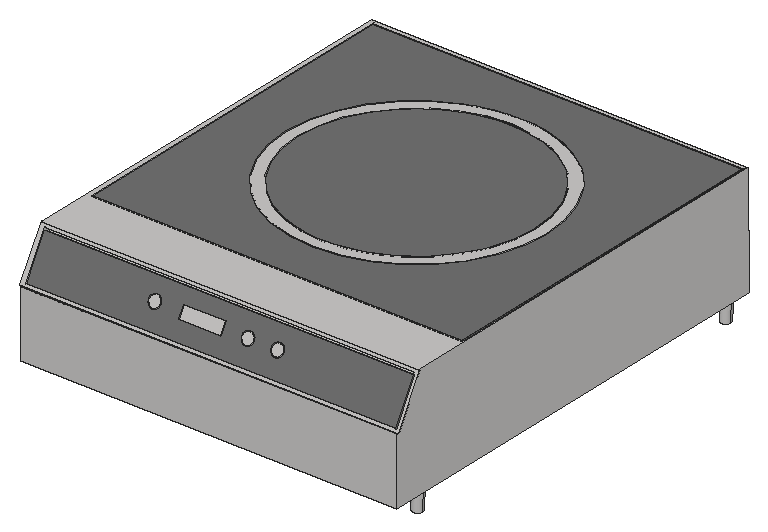
Revit family "QF_Vollrath 69504", category Specialty Equipment, Revit 2016
Family settings
  Part Type = Normal
  Round Connector Dimension = Use Diameter
  OmniClass Number = 23.40.40.14.17.14
  OmniClass Title = Hot Plates
  Work Plane-Based = No
  Always vertical = Yes
  Cut with Voids When Loaded = No
  Shared = No
  Room Calculation Point = No
Parameters (values of type "208V")
  Weight in Pounds = 26
  Watts = 3000 W
  Watermarked By = "http://revitwatermark.com"
  Volts = 208 V
  URL Cutsheet = ""
  URL = "www.vollrathco.com"
  Status [instance] = ""
  Specification by User [instance] = ""
  Specification by Manufacturer = ""
  Serial Number [instance] = ""
  Seismic Rating [instance] = ""
  Revision Code [instance] = ""
  Phase = 1
  Number of Poles [instance] = 1
  NAFEM Spec ID Number [instance] = ""
  Model = "69504"
  Masterspec = ""
  Manufacturer = "Vollrath"
  Item Number [instance] = ""
  Installed By [instance] = ""
  Height AFF [instance] = 36.00"
  Furnished By [instance] = ""
  Foodservice Equipment Identifier [instance] = yes
  FL Amps = 14.6 A
  Electrical Remarks [instance] = ""
  Electric Connection Type [instance] = ""
  Elec Conn RI Height [instance] = 0.00"
  Elec Conn Connection Height [instance] = Height AFF + 2.00"  # 38.00"
  Description = "Induction Range, Countertop"
  Cycle = 60 Hz
  Conn Plug = "NEMA 6-20P"
  CSI MasterFormat = "11 42 13"
  Assembly Code = "E1090320"
  Apparent Power = if(Phase = 3, Volts * FL Amps * 1.73, Volts * FL Amps)  # 3036.8 VA
Types (2): name | Watts | Volts | Apparent Power
  208V | 3000 W | 208 V | 3036.8 VA
  240V | 3500 W | 240 V | 3504 VA
Reference planes (in)
  plane 1: z = 0
  plane 2 "LEFT": x = 48
  plane 3 "BACK": y = -48.065
  plane 4 "BOTTOM": z = 36
  plane 5 "FRONT": y = -66.565
  plane 6 "TOP": z = 41.75
  plane 7: z = 37
  plane 8: y = -45.065
  plane 9: y = -55.7724
  plane 10: x = 55.40773
  plane 11: z = 37.5
  plane 12: z = 13.68
  plane 13: x = 52.90535
  plane 14: x = 56.69695
  plane 15: z = 41.03691
  plane 16: x = 63.875
  plane 17: x = 63.8
  plane 18: y = -63.065
  plane 19: x = 63.125
Forms (in)
  Extrusion 1, solid, material "QF_Finishes_Stainless Steel"
    sketch origin (-3.7916, -63.31853, 8.31191) x (1, 0, 0) y (0, 0.5, 0.866025)
      loop
        line (51.72615, 27.93) -> (51.72615, 25.68) -> (67.6666, 25.68) -> (67.6666, 27.93) -> (51.72615, 27.93)
      loop
        line (51.91648, 27.77623) -> (51.91648, 25.78901) -> (67.52615, 25.78901) -> (67.52615, 27.77623) -> (51.91648, 27.77623)
    from 18.14569 to 18.5
  Extrusion 2, solid, material "QF_Finishes_Stainless Steel"
    sketch origin (-0.7916, -63.31853, 8.31191) x (1, 0, 0) y (0, 0.5, 0.866025)
      loop
        line (55.07331, 27.05441) -> (55.07331, 26.55441) -> (56.82331, 26.55441) -> (56.82331, 27.05441) -> (55.07331, 27.05441)
      loop
        circle (53.94695, 26.80981) r 0.25
      loop
        circle (57.87771, 26.79276) r 0.25
      loop
        circle (59.12771, 26.79276) r 0.25
    from 18.14569 to 18.5
  Extrusion 3, solid, material "QF_Finishes_Stainless Steel"
    sketch origin (-3.7916, -63.31853, 8.31191) x (1, 0, 0) y (0, 0.5, 0.866025)
      loop
        circle (56.94695, 26.80981) r 0.25
      loop
        circle (60.87771, 26.79276) r 0.25
      loop
        line (58.07331, 27.05441) -> (58.07331, 26.55441) -> (59.82331, 26.55441) -> (59.82331, 27.05441) -> (58.07331, 27.05441)
      loop
        circle (62.12771, 26.79276) r 0.25
    from 18.14569 to 18.5
  Extrusion 4, solid, material "QF_Finishes_Dark Grey"
    sketch origin (-3.7916, -63.81619, 8.52747) x (1, 0, 0) y (0, 0.5, 0.866025)
      loop
        line (51.91648, 25.85116) -> (67.52615, 25.85116) -> (67.52615, 27.73116) -> (51.91648, 27.73116) -> (51.91648, 25.85116)
      loop
        circle (62.11833, 26.8549) r 0.25
      loop
        circle (60.86833, 26.8549) r 0.25
      loop
        line (59.81393, 26.61655) -> (59.81393, 27.11655) -> (58.06393, 27.11655) -> (58.06393, 26.61655) -> (59.81393, 26.61655)
      loop
        circle (56.93757, 26.87196) r 0.25
    from 17.96123 to 17.60693
  Blend 5, solid, material "QF_Finishes_Stainless Steel"
    base sketch origin (0, 0, 0) x (1, 0, 0) y (0, 1, 0)
      loop
        circle (48.59304, -48.57669) r 0.20891
    top sketch origin (0, 0, 0) x (1, 0, 0) y (0, 1, 0)
      loop
        circle (48.59304, -48.57669) r 0.25
    from 36 to 37
  Blend 6, solid, material "QF_Finishes_Stainless Steel"
    base sketch origin (0, -16.25, 0) x (1, 0, 0) y (0, 1, 0)
      loop
        circle (48.59304, -48.57669) r 0.20891
    top sketch origin (0, -16.25, 0) x (1, 0, 0) y (0, 1, 0)
      loop
        circle (48.59304, -48.57669) r 0.25
    from 36 to 37
  Extrusion 7, solid, material "QF_Finishes_Stainless Steel"
    sketch origin (0, 0, 0) x (1, 0, 0) y (0, 1, 0)
      loop
        line (48, -48.065) -> (48, -63.4798) -> (63.875, -63.4798) -> (63.875, -48.065) -> (48, -48.065)
      loop
        line (48.19033, -48.2633) -> (48.19033, -63.065) -> (63.8, -63.065) -> (63.8, -48.2633) -> (48.19033, -48.2633)
    from 37.5 to 41.75
  Extrusion 8, solid, material "QF_Finishes_Dark Grey"
    sketch origin (0, 0, 0) x (1, 0, 0) y (0, 1, 0)
      loop
        line (48.19033, -48.1983) -> (48.19033, -63.065) -> (63.8, -63.065) -> (63.8, -48.1983) -> (48.19033, -48.1983)
      loop
        circle (55.97023, -55.66832) r 5.5
      loop
        circle (55.97023, -55.66832) r 5
    from 41.75 to 37.5
  Extrusion 9, solid, material "QF_Finishes_Stainless Steel"
    sketch origin (48, 0, -0.15599) x (0, 1, 0) y (0, 0, 1)
      loop
        line (-66.565, 37.15599) -> (-48.065, 37.15599) -> (-48.065, 37.65599) -> (-66.565, 37.65599) -> (-66.565, 37.15599)
    from 0 to 15.875
  Extrusion 10, solid, material "QF_Finishes_Stainless Steel"
    sketch origin (48, 0, 0) x (0, 1, 0) y (0, 0, 1)
      loop
        line (-65.44, 41.75) -> (-65.13316, 41.57285) -> (-66.25816, 39.62429) -> (-66.565, 39.80144) -> (-66.565, 37.5) -> (-63.065, 37.5) -> (-63.065, 41.75) -> (-65.44, 41.75)
    from 0 to 15.875
  Extrusion 11, solid, material "QF_Finishes_Stainless Steel", not visible
    sketch origin (0, -63.31853, -5.50809) x (1, 0, 0) y (0, 0.5, 0.866025)
      loop
        line (51.72615, 27.93) -> (51.72615, 25.68) -> (67.6666, 25.68) -> (67.6666, 27.93) -> (51.72615, 27.93)
      loop
        line (51.91648, 27.77623) -> (51.91648, 25.78901) -> (67.52615, 25.78901) -> (67.52615, 27.77623) -> (51.91648, 27.77623)
    from 18.14569 to 18.5
  Extrusion 12, solid, material "QF_Finishes_Stainless Steel", not visible
    sketch origin (3, -63.31853, -5.50809) x (1, 0, 0) y (0, 0.5, 0.866025)
      loop
        line (55.07331, 27.05441) -> (55.07331, 26.55441) -> (56.82331, 26.55441) -> (56.82331, 27.05441) -> (55.07331, 27.05441)
      loop
        circle (53.94695, 26.80981) r 0.25
      loop
        circle (57.87771, 26.79276) r 0.25
      loop
        circle (59.12771, 26.79276) r 0.25
    from 18.14569 to 18.5
  Extrusion 13, solid, material "QF_Finishes_Stainless Steel", not visible
    sketch origin (0, -63.31853, -5.50809) x (1, 0, 0) y (0, 0.5, 0.866025)
      loop
        circle (56.94695, 26.80981) r 0.25
      loop
        circle (60.87771, 26.79276) r 0.25
      loop
        line (58.07331, 27.05441) -> (58.07331, 26.55441) -> (59.82331, 26.55441) -> (59.82331, 27.05441) -> (58.07331, 27.05441)
      loop
        circle (62.12771, 26.79276) r 0.25
    from 18.14569 to 18.5
  Extrusion 14, solid, material "QF_Finishes_Dark Grey", not visible
    sketch origin (0, -63.81619, -5.29253) x (1, 0, 0) y (0, 0.5, 0.866025)
      loop
        line (51.91648, 25.85116) -> (67.52615, 25.85116) -> (67.52615, 27.73116) -> (51.91648, 27.73116) -> (51.91648, 25.85116)
      loop
        circle (62.11833, 26.8549) r 0.25
      loop
        circle (60.86833, 26.8549) r 0.25
      loop
        line (59.81393, 26.61655) -> (59.81393, 27.11655) -> (58.06393, 27.11655) -> (58.06393, 26.61655) -> (59.81393, 26.61655)
      loop
        circle (56.93757, 26.87196) r 0.25
    from 17.96123 to 17.60693
  Extrusion 15, solid, material "QF_Finishes_Stainless Steel"
    sketch origin (0, 0, 0) x (1, 0, 0) y (0, 1, 0)
      loop
        circle (55.97023, -55.66832) r 5.5
      loop
        circle (55.97023, -55.66832) r 5
    from 41.03691 to 41.75
  Blend 16, solid, material "QF_Finishes_Stainless Steel"
    base sketch origin (14.75, 0, 0) x (1, 0, 0) y (0, 1, 0)
      loop
        circle (48.59304, -48.57669) r 0.20891
    top sketch origin (14.75, 0, 0) x (1, 0, 0) y (0, 1, 0)
      loop
        circle (48.59304, -48.57669) r 0.25
    from 36 to 37
  Blend 17, solid, material "QF_Finishes_Stainless Steel"
    base sketch origin (14.75, -16.25, 0) x (1, 0, 0) y (0, 1, 0)
      loop
        circle (48.59304, -48.57669) r 0.20891
    top sketch origin (14.75, -16.25, 0) x (1, 0, 0) y (0, 1, 0)
      loop
        circle (48.59304, -48.57669) r 0.25
    from 36 to 37
  Extrusion 18, solid, material "QF_Finishes_Stainless Steel"
    sketch origin (-14.25, -48.065, 0) x (1, 0, 0) y (0, 0, 1)
      loop
        circle (63.125, 37.5) r 0.25
    from 0 to -0.23222
  Extrusion 19, solid, material "QF_Finishes_Clearances", detail levels coarse
    sketch origin (0, 0, 0) x (1, 0, 0) y (0, 1, 0)
      loop
        line (48, -45.065) -> (48, -48.065) -> (63.875, -48.065) -> (63.875, -45.065) -> (48, -45.065)
    from 41.75 to 36
Cuts and joins
  joined: Extrusion 1, Extrusion 7, Extrusion 9, Extrusion 10
Lines and regions (in)
  symbolic lines
    curve 1: line (63.875, -48.065, 0) -> (48, -48.065, 0)
    curve 2: line (48, -48.065, 0) -> (48, -66.565, 0)
    curve 3: line (63.875, -66.565, 0) -> (63.875, -48.065, 0)
    curve 4: line (63.875, -65.19865, 0) -> (48, -65.19865, 0)
    curve 5: arc (61.47023, -55.66832, 0) -> (55.97023, -50.16832, 0) -> (50.47023, -55.66832, 0) r 5.5
    curve 6: arc (50.97023, -55.66832, 0) -> (55.97023, -50.66832, 0) -> (60.97023, -55.66832, 0) r 5
    curve 7: arc (50.47023, -55.66832, 0) -> (55.97023, -61.16832, 0) -> (61.47023, -55.66832, 0) r 5.5
    curve 8: arc (60.97023, -55.66832, 0) -> (55.97023, -60.66832, 0) -> (50.97023, -55.66832, 0) r 5
    curve 9: line (48, -66.565, 0) -> (63.875, -66.565, 0)
    curve 10: line (63.875, -63.065, 0) -> (48, -63.065, 0)
Dimensions and locks (in)
  "Height AFF": plane 4 "BOTTOM" to level
  plane 5 "FRONT" to plane 3 "BACK" = 18.50"
  locked: plane 3 "BACK" to plane 8 at 3
  locked: plane 7 to plane 4 "BOTTOM" at 1
  Blend 5 sketch curve to plane 3 "BACK" = 0.51168"
  locked: Blend 5 sketch curve to plane 3 "BACK" at 0.51168
  plane 2 "LEFT" to plane 10 = 7.40773"
  equal spacing: Extrusion 7, plane 9, plane 3 "BACK"
  locked: plane 6 "TOP" to plane 7 at 4.75
  locked: plane 11 to plane 7 at 0.5
  plane 3 "BACK" to Extrusion 7 = 15.4148"
  locked: plane 6 "TOP" to Extrusion 4 at 0.98488
  locked: plane 6 "TOP" to plane 15 at 0.71309
  plane 2 "LEFT" to plane 16 = 15.875"
  aligned and locked: level to plane 1
  aligned and locked: Extrusion 3 sketch curve to Extrusion 2  (x2)
  aligned and locked: Extrusion 3 to Extrusion 4 sketch curve
  aligned and locked: Extrusion 4 sketch curve to Extrusion 3
  aligned and locked: plane 7 to Blend 6
  aligned and locked: Blend 6 to plane 4 "BOTTOM"
  aligned and locked: plane 7 to Blend 5
  aligned and locked: Blend 5 to plane 4 "BOTTOM"
  aligned and locked: plane 6 "TOP" to Extrusion 7
  aligned and locked: Extrusion 13 sketch curve to Extrusion 12  (x2)
  aligned and locked: Extrusion 13 to Extrusion 14 sketch curve
  aligned and locked: Extrusion 14 sketch curve to Extrusion 13
  aligned and locked: plane 7 to cut or joined group of Extrusion 1, Extrusion 7, Extrusion 9, Extrusion 10
  aligned and locked: cut or joined group of Extrusion 1, Extrusion 7, Extrusion 9, Extrusion 10 to plane 11
  aligned: Extrusion 7 to Extrusion 1
  aligned and locked: Extrusion 8 to cut or joined group of Extrusion 1, Extrusion 7, Extrusion 9, Extrusion 10  (x3)
  aligned and locked: Extrusion 1 to Extrusion 7
  aligned and locked: Extrusion 10 to Extrusion 1
  aligned and locked: Extrusion 9 to Extrusion 1
  aligned and locked: Extrusion 9 to Extrusion 7  (x2)
  aligned and locked: Extrusion 15 sketch curve to Extrusion 8  (x4)
  aligned and locked: curve 5 to Extrusion 15
  aligned and locked: curve 6 to Extrusion 15
  aligned and locked: curve 7 to Extrusion 15
  aligned and locked: curve 8 to Extrusion 15
  aligned and locked: cut or joined group of Extrusion 1, Extrusion 7, Extrusion 9, Extrusion 10 to Extrusion 8
  aligned and locked: plane 6 "TOP" to Extrusion 15
  aligned and locked: Extrusion 15 to plane 15
  aligned and locked: Extrusion 4 to cut or joined group of Extrusion 1, Extrusion 7, Extrusion 9, Extrusion 10
  aligned and locked: Extrusion 7 to plane 16
  aligned and locked: Extrusion 7 to Extrusion 8
  aligned and locked: plane 7 to Blend 17
  aligned and locked: Blend 17 to plane 4 "BOTTOM"
  aligned and locked: plane 7 to Blend 16
  aligned and locked: Blend 16 to plane 4 "BOTTOM"
  aligned and locked: plane 2 "LEFT" to Extrusion 19 sketch curve
  aligned and locked: Extrusion 19 sketch curve to cut or joined group of Extrusion 1, Extrusion 7, Extrusion 9, Extrusion 10  (x2)
  aligned and locked: plane 4 "BOTTOM" to Extrusion 19
  aligned and locked: plane 6 "TOP" to Extrusion 19
Automatic sketch dimensions
  Extrusion 1 sketch curve to Extrusion 1 sketch curve = 0.10901"
  Extrusion 1 sketch curve to Extrusion 1 sketch curve = 1.98721"
  Extrusion 1 sketch curve to Extrusion 1 sketch curve = 0.15377"
  Extrusion 2 sketch curve to Extrusion 2 sketch curve = 1.12636"
  Extrusion 2 sketch curve to Extrusion 2 sketch curve = 1.75"
  Extrusion 2 sketch curve to Extrusion 2 sketch curve = 1.0544"
  Extrusion 2 sketch curve to Extrusion 2 sketch curve = 1.25"
  Extrusion 2 sketch curve to Extrusion 2 sketch curve = 0.23835"
  Extrusion 2 sketch curve to Extrusion 2 sketch curve = 0.00"
  Extrusion 2 sketch curve to Extrusion 2 sketch curve = 0.25541"
  Extrusion 2 sketch curve to Extrusion 2 sketch curve = 0.50"
  Extrusion 1 sketch curve to Extrusion 1 sketch curve = 0.19033"
  Extrusion 1 sketch curve to Extrusion 1 sketch curve = 15.60967"
  Extrusion 1 sketch curve to Extrusion 1 sketch curve = 0.14045"
  Extrusion 4 sketch curve to Extrusion 4 sketch curve = 4.77109"
  Extrusion 4 sketch curve to Extrusion 4 sketch curve = 5.15782"
  Extrusion 11 sketch curve to Extrusion 11 sketch curve = 0.10901"
  Extrusion 11 sketch curve to Extrusion 11 sketch curve = 1.98721"
  Extrusion 11 sketch curve to Extrusion 11 sketch curve = 0.15377"
  Extrusion 12 sketch curve to Extrusion 12 sketch curve = 1.12636"
  Extrusion 12 sketch curve to Extrusion 12 sketch curve = 1.75"
  Extrusion 12 sketch curve to Extrusion 12 sketch curve = 1.0544"
  Extrusion 12 sketch curve to Extrusion 12 sketch curve = 1.25"
  Extrusion 12 sketch curve to Extrusion 12 sketch curve = 0.23835"
  Extrusion 12 sketch curve to Extrusion 12 sketch curve = 0.00"
  Extrusion 12 sketch curve to Extrusion 12 sketch curve = 0.25541"
  Extrusion 12 sketch curve to Extrusion 12 sketch curve = 0.50"
  Extrusion 11 sketch curve to Extrusion 11 sketch curve = 0.19033"
  Extrusion 11 sketch curve to Extrusion 11 sketch curve = 15.60967"
  Extrusion 11 sketch curve to Extrusion 11 sketch curve = 0.14045"
  Extrusion 14 sketch curve to Extrusion 14 sketch curve = 4.77109"
  Extrusion 14 sketch curve to Extrusion 14 sketch curve = 5.15782"
  Extrusion 4 sketch curve to Extrusion 4 sketch curve = 0.8044"
  Extrusion 4 sketch curve to Extrusion 4 sketch curve = 0.87636"
  Extrusion 4 sketch curve to Extrusion 4 sketch curve = 0.25"  (x3)
  Extrusion 4 sketch curve to Extrusion 4 sketch curve = 0.75"
  Extrusion 4 sketch curve to Extrusion 4 sketch curve = 0.23835"
  Extrusion 4 sketch curve to Extrusion 4 sketch curve = 0.00"  (x4)
  Extrusion 4 sketch curve to Extrusion 4 sketch curve = 0.24459"
  Extrusion 3 sketch curve to Extrusion 3 sketch curve = 0.8044"
  Extrusion 3 sketch curve to Extrusion 3 sketch curve = 0.87636"
  Extrusion 3 sketch curve to Extrusion 3 sketch curve = 0.25"  (x3)
  Extrusion 3 sketch curve to Extrusion 3 sketch curve = 0.75"
  Extrusion 3 sketch curve to Extrusion 3 sketch curve = 0.23835"
  Extrusion 3 sketch curve to Extrusion 3 sketch curve = 0.00"  (x4)
  Extrusion 3 sketch curve to Extrusion 3 sketch curve = 0.24459"
  Extrusion 14 sketch curve to Extrusion 14 sketch curve = 0.8044"
  Extrusion 14 sketch curve to Extrusion 14 sketch curve = 0.87636"
  Extrusion 14 sketch curve to Extrusion 14 sketch curve = 0.25"  (x3)
  Extrusion 14 sketch curve to Extrusion 14 sketch curve = 0.75"
  Extrusion 14 sketch curve to Extrusion 14 sketch curve = 0.23835"
  Extrusion 14 sketch curve to Extrusion 14 sketch curve = 0.00"  (x4)
  Extrusion 14 sketch curve to Extrusion 14 sketch curve = 0.24459"
  Extrusion 13 sketch curve to Extrusion 13 sketch curve = 0.8044"
  Extrusion 13 sketch curve to Extrusion 13 sketch curve = 0.87636"
  Extrusion 13 sketch curve to Extrusion 13 sketch curve = 0.25"  (x3)
  Extrusion 13 sketch curve to Extrusion 13 sketch curve = 0.75"
  Extrusion 13 sketch curve to Extrusion 13 sketch curve = 0.23835"
  Extrusion 13 sketch curve to Extrusion 13 sketch curve = 0.00"  (x4)
  Extrusion 13 sketch curve to Extrusion 13 sketch curve = 0.24459"
  Extrusion 4 sketch curve to Extrusion 4 sketch curve = 1.0208"
  Extrusion 4 sketch curve to Extrusion 4 sketch curve = 1.88"
  Extrusion 14 sketch curve to Extrusion 14 sketch curve = 1.0208"
  Extrusion 14 sketch curve to Extrusion 14 sketch curve = 1.88"
  Extrusion 3 sketch curve to Extrusion 3 sketch curve = 1.75"
  Extrusion 4 sketch curve to Extrusion 4 sketch curve = 1.75"
  plane 13 to Extrusion 4 sketch curve = 4.78048"
  Extrusion 13 sketch curve to Extrusion 13 sketch curve = 1.75"
  Extrusion 14 sketch curve to Extrusion 14 sketch curve = 1.75"
  plane 14 to Extrusion 14 sketch curve = 4.78048"
  plane 2 "LEFT" to Blend 5 sketch curve = 0.59304"  (x2)
  plane 2 "LEFT" to Blend 6 sketch curve = 0.59304"  (x2)
  plane 5 "FRONT" to Blend 6 sketch curve = 1.73832"  (x2)
  Extrusion 7 sketch curve to plane 2 "LEFT" = 0.00"
  Extrusion 7 sketch curve to plane 17 = 0.00"
  plane 3 "BACK" to Extrusion 7 sketch curve = 0.00"
  Extrusion 7 sketch curve to plane 16 = 0.00"
  plane 2 "LEFT" to Extrusion 7 sketch curve = 0.19033"
  plane 3 "BACK" to Extrusion 7 sketch curve = 0.1983"
  plane 5 "FRONT" to Extrusion 7 sketch curve = 3.50"
  Extrusion 7 sketch curve to Extrusion 7 sketch curve = 0.4148"
  Extrusion 8 sketch curve to Extrusion 8 sketch curve = 0.00"  (x2)
  Extrusion 8 sketch curve to plane 17 = 0.00"
  plane 9 to Extrusion 8 sketch curve = 0.10408"
  plane 10 to Extrusion 8 sketch curve = 0.5625"
  plane 2 "LEFT" to Extrusion 8 sketch curve = 0.19033"
  plane 5 "FRONT" to Extrusion 8 sketch curve = 3.50"
  plane 3 "BACK" to Extrusion 8 sketch curve = 0.1333"
  Extrusion 9 sketch curve to plane 5 "FRONT" = 0.00"
  Extrusion 9 sketch curve to plane 3 "BACK" = 0.00"
  Extrusion 9 sketch curve to plane 7 = 0.00"
  Extrusion 9 sketch curve to plane 11 = 0.00"
  Extrusion 10 sketch curve to plane 5 "FRONT" = 0.00"
  Extrusion 10 sketch curve to plane 6 "TOP" = 0.00"
  Extrusion 10 sketch curve to plane 11 = 0.00"
  plane 5 "FRONT" to Extrusion 10 sketch curve = 0.30684"
  plane 5 "FRONT" to Extrusion 10 sketch curve = 1.125"
  Extrusion 10 sketch curve to plane 6 "TOP" = 0.17715"
  Extrusion 10 sketch curve to Extrusion 10 sketch curve = 0.30684"
  Extrusion 10 sketch curve to Extrusion 10 sketch curve = 2.06816"
  plane 17 to Blend 16 sketch curve = 0.45696"  (x2)
  plane 3 "BACK" to Blend 16 sketch curve = 0.51168"  (x2)
  plane 17 to Blend 17 sketch curve = 0.45696"  (x2)
  plane 5 "FRONT" to Blend 17 sketch curve = 1.73832"  (x2)
  Extrusion 18 sketch curve to plane 11 = 0.00"
  plane 19 to Extrusion 18 sketch curve = 14.25"
  curve 9 to plane 2 "LEFT" = 0.00"
  curve 4 to plane 16 = 0.00"
  curve 3 to plane 5 "FRONT" = 0.00"
  plane 18 to curve 10 = 0.00"
  plane 3 "BACK" to curve 2 = 0.00"
  curve 3 to curve 4 = 1.36635"
  Extrusion 19 sketch curve to plane 8 = 0.00"
  radius of Extrusion 2 sketch curve = 0.25"  (x3)
  radius of Extrusion 12 sketch curve = 0.25"  (x3)
  radius of Blend 5 sketch curve = 0.20891"
  radius of Blend 5 sketch curve = 0.25"
  radius of Blend 6 sketch curve = 0.20891"
  radius of Blend 6 sketch curve = 0.25"
  radius of Extrusion 8 sketch curve = 5.50"
  radius of Extrusion 8 sketch curve = 5.00"
  radius of Blend 16 sketch curve = 0.20891"
  radius of Blend 16 sketch curve = 0.25"
  radius of Blend 17 sketch curve = 0.20891"
  radius of Blend 17 sketch curve = 0.25"
  radius of Extrusion 18 sketch curve = 0.25"
Connectors (in)
  electrical at (48.875, -47.83278, 37.5), driven by "Number of Poles", driven by "Volts", driven by "Apparent Power"
    settings: on Extrusion 18, index 1, voltage 208 V, apparent load 3036.8 VA, apparent load phase1 0 VA, apparent load phase2 0 VA, apparent load phase3 0 VA, power factor 1, load classification "Other", number of poles 1, system type 30, power factor state 1, is connector primary yes, connector utility no, sub classification motor no, connector description "Electric Connection"
